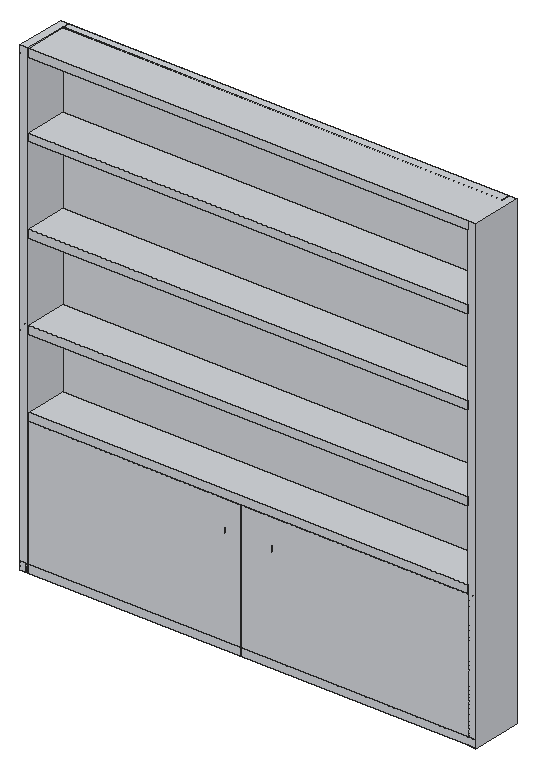
Revit family
Parameters
  sportello = 868.5 mm
  spessoresportello = 30 mm
  spessore = 50 mm
  spessmaniglia = 201.733 mm
  scaffali = 550 mm
  profondità = 400 mm
  metàprofondità = profondità / 2  # 200 mm
  metàlunghezza = lunghezza / 2  # 1500 mm
  maniglia = 100 mm
  lunghezza = 3000 mm
  hmaniglia = 700 mm
  distmaniglia = 100 mm
  altezza = 3000 mm
Reference planes
  plane 1 "Centro (Fronte/Retro)": y = 0
  plane 2: z = 0
  plane 3 "Centro (Sinistra/Destra)": x = 0
  plane 4: y = 123.975
  plane 5: x = 1500
  plane 6: y = -200
  plane 7: x = -1407.256
  plane 8: z = 50
  plane 9: x = -1357.256
  plane 10: y = 73.975
  plane 11: x = 1450
  plane 12: z = 3000
  plane 13: z = 868.5
  plane 14: z = 1800.012
  plane 15: z = 1418.5
  plane 16: y = -152.776
  plane 17: y = -170
  plane 18: z = 1968.5
  plane 19: z = 2518.5
  plane 20: y = -1068.5
  plane 21: x = 100
  plane 22: x = 200
  plane 23: x = -100
  plane 24: x = -200
  plane 25: z = 700
  plane 26: z = 670
Forms (mm)
  Extrusion 1, solid
    sketch origin (0, 0, 0) x (1, 0, 0) y (0, 1, 0)
      loop
        line (-1407.256, 123.975) -> (-1407.256, -200) -> (1500, -200) -> (1500, 123.975) -> (-1407.256, 123.975)
    from 0 to 50
  Extrusion 2, solid
    sketch origin (0, 0, 0) x (1, 0, 0) y (0, 1, 0)
      loop
        line (-1407.256, 123.975) -> (-1407.256, -200) -> (-1357.256, -200) -> (-1357.256, 123.975) -> (-1407.256, 123.975)
    from 0 to 3000
  Extrusion 3, solid
    sketch origin (0, 0, 0) x (1, 0, 0) y (0, 1, 0)
      loop
        line (1450, 123.975) -> (1450, -200) -> (1500, -200) -> (1500, 123.975) -> (1450, 123.975)
    from 0 to 3000
  Extrusion 4, solid
    sketch origin (0, 0, 0) x (1, 0, 0) y (0, 1, 0)
      loop
        line (-1357.256, 123.975) -> (-1357.256, 73.975) -> (1450, 73.975) -> (1450, 123.975) -> (-1357.256, 123.975)
    from 0 to 3000
  Extrusion 5, solid
    sketch origin (0, 0, 0) x (1, 0, 0) y (0, 1, 0)
      loop
        line (-1407.256, 123.975) -> (-1407.256, -200) -> (1500, -200) -> (1500, 123.975) -> (-1407.256, 123.975)
    from 2950 to 3000
  Extrusion 6, solid
    sketch origin (0, 0, 0) x (1, 0, 0) y (0, 1, 0)
      loop
        line (-1357.256, 73.975) -> (-1357.256, -200) -> (1450, -200) -> (1450, 73.975) -> (-1357.256, 73.975)
    from 918.5 to 868.5
  Extrusion 7, solid
    sketch origin (0, 0, 0) x (1, 0, 0) y (0, 1, 0)
      loop
        line (-1407.256, 73.975) -> (-1407.256, -200) -> (1450, -200) -> (1450, 73.975) -> (-1407.256, 73.975)
    from 1368.5 to 1418.5
  Extrusion 8, solid
    sketch origin (0, 0, 0) x (1, 0, 0) y (0, 1, 0)
      loop
        line (-1407.256, -170) -> (-1407.256, -200) -> (0, -200) -> (0, -170) -> (-1407.256, -170)
    from 0 to 868.5
  Extrusion 9, solid
    sketch origin (0, 0, 0) x (1, 0, 0) y (0, 1, 0)
      loop
        line (0, -170) -> (0, -200) -> (1500, -200) -> (1500, -170) -> (0, -170)
    from 0 to 868.5
  Extrusion 10, solid
    sketch origin (0, 0, 0) x (1, 0, 0) y (0, 1, 0)
      loop
        line (-1357.256, 73.975) -> (-1357.256, -200) -> (1450, -200) -> (1450, 73.975) -> (-1357.256, 73.975)
    from 1918.5 to 1968.5
  Extrusion 11, solid
    sketch origin (0, 0, 0) x (1, 0, 0) y (0, 1, 0)
      loop
        line (-1357.256, 123.975) -> (-1357.256, -200) -> (1450, -200) -> (1450, 123.975) -> (-1357.256, 123.975)
    from 2468.5 to 2518.5
  Extrusion 12, solid
    sketch origin (0, 0, 0) x (1, 0, 0) y (0, 1, 0)
      loop
        line (-200, -170) -> (-200, -200) -> (-100, -200) -> (-100, -170) -> (-200, -170)
    from 670 to 700
  Extrusion 13, solid
    sketch origin (0, 0, 0) x (1, 0, 0) y (0, 1, 0)
      loop
        line (100, -170) -> (100, -200) -> (200, -200) -> (200, -170) -> (100, -170)
    from 670 to 700
Dimensions and locks
  plane 7 to plane 3 "Centro (Sinistra/Destra)" = 1407.256 mm
  plane 4 to plane 1 "Centro (Fronte/Retro)" = 123.975 mm
  "metàlunghezza": plane 3 "Centro (Sinistra/Destra)" to plane 5
  "metàprofondità": plane 6 to plane 1 "Centro (Fronte/Retro)"
  "spessore": plane 8 to level
  "spessore": plane 4 to plane 10
  "spessore": plane 7 to plane 9
  "spessore": plane 11 to plane 5
  "altezza": plane 12 to plane 2
  "spessore": Extrusion 5 to Extrusion 5
  "sportello": plane 13 to level
  "spessore": Extrusion 6 to Extrusion 6
  plane 14 to plane 13 = 931.512 mm
  "spessore": Extrusion 7 to Extrusion 7
  "scaffali": plane 15 to plane 13
  plane 16 to plane 6 = 47.224 mm
  "spessoresportello": plane 17 to Extrusion 6
  "scaffali": plane 18 to plane 15
  "scaffali": plane 19 to plane 18
  "spessore": Extrusion 10 to Extrusion 10
  "spessore": Extrusion 11 to Extrusion 11
  "sportello": Extrusion 6 to plane 20
  "maniglia": plane 21 to plane 22
  "distmaniglia": plane 3 "Centro (Sinistra/Destra)" to plane 21
  "distmaniglia": plane 23 to plane 3 "Centro (Sinistra/Destra)"
  "maniglia": plane 24 to plane 23
  "hmaniglia": plane 25 to level
  "spessoresportello": plane 25 to plane 26
  aligned and locked: Extrusion 1 sketch curve to plane 4
  aligned and locked: plane 7 to Extrusion 1 sketch curve
  aligned and locked: Extrusion 1 sketch curve to plane 6
  aligned and locked: Extrusion 1 sketch curve to plane 5
  aligned and locked: plane 8 to Extrusion 1
  aligned and locked: Extrusion 2 sketch curve to Extrusion 1  (x3)
  aligned and locked: Extrusion 2 sketch curve to plane 9
  aligned and locked: plane 12 to Extrusion 2
  aligned and locked: plane 4 to Extrusion 3
  aligned and locked: Extrusion 3 to Extrusion 1
  aligned and locked: Extrusion 3 to plane 11
  aligned and locked: plane 6 to Extrusion 3
  aligned and locked: Extrusion 1 to Extrusion 4
  aligned and locked: Extrusion 4 to plane 9
  aligned and locked: Extrusion 4 to plane 10
  aligned and locked: plane 11 to Extrusion 4
  aligned and locked: plane 12 to Extrusion 3
  aligned and locked: Extrusion 5 sketch curve to plane 4
  aligned and locked: plane 7 to Extrusion 5 sketch curve
  aligned and locked: Extrusion 5 sketch curve to plane 6
  aligned and locked: Extrusion 5 sketch curve to plane 5
  aligned and locked: plane 12 to Extrusion 5
  aligned and locked: plane 10 to Extrusion 6
  aligned and locked: plane 6 to Extrusion 6
  aligned and locked: Extrusion 6 to plane 9
  aligned and locked: plane 11 to Extrusion 6
  aligned and locked: plane 13 to Extrusion 6
  aligned and locked: Extrusion 7 sketch curve to plane 10
  aligned and locked: plane 7 to Extrusion 7 sketch curve
  aligned and locked: Extrusion 7 sketch curve to plane 6
  aligned and locked: Extrusion 7 sketch curve to plane 11
  aligned and locked: plane 15 to Extrusion 7
  aligned and locked: plane 7 to Extrusion 8 sketch curve
  aligned and locked: Extrusion 8 sketch curve to plane 6
  aligned and locked: Extrusion 8 sketch curve to plane 3 "Centro (Sinistra/Destra)"
  aligned and locked: plane 17 to Extrusion 8
  aligned and locked: Extrusion 9 sketch curve to plane 17
  aligned and locked: Extrusion 9 sketch curve to plane 6
  aligned and locked: plane 3 "Centro (Sinistra/Destra)" to Extrusion 9 sketch curve
  aligned and locked: Extrusion 9 sketch curve to plane 5
  aligned and locked: Extrusion 8 to Extrusion 6
  aligned and locked: plane 13 to Extrusion 9
  aligned and locked: Extrusion 10 sketch curve to plane 10
  aligned and locked: plane 9 to Extrusion 10 sketch curve
  aligned and locked: Extrusion 10 sketch curve to plane 6
  aligned and locked: Extrusion 10 sketch curve to plane 11
  aligned and locked: plane 18 to Extrusion 10
  aligned and locked: Extrusion 11 sketch curve to plane 4
  aligned and locked: plane 9 to Extrusion 11 sketch curve
  aligned and locked: Extrusion 11 sketch curve to plane 11
  aligned and locked: Extrusion 11 sketch curve to plane 6
  aligned and locked: plane 19 to Extrusion 11
  aligned and locked: Extrusion 12 sketch curve to Extrusion 8
  aligned and locked: Extrusion 12 sketch curve to Extrusion 6
  aligned and locked: Extrusion 12 sketch curve to plane 23
  aligned and locked: plane 24 to Extrusion 12 sketch curve
  aligned and locked: Extrusion 13 sketch curve to Extrusion 9
  aligned and locked: Extrusion 13 sketch curve to plane 22
  aligned and locked: plane 21 to Extrusion 13 sketch curve
  aligned and locked: Extrusion 13 sketch curve to Extrusion 6
  aligned and locked: Extrusion 12 to plane 26
  aligned and locked: plane 25 to Extrusion 13
  aligned and locked: Extrusion 13 to plane 26
Automatic sketch dimensions
  Extrusion 3 sketch curve to plane 11 = 0 mm
  plane 5 to Extrusion 3 sketch curve = 0 mm
  plane 6 to Extrusion 3 sketch curve = 0 mm
  plane 4 to Extrusion 3 sketch curve = 0 mm
  Extrusion 4 sketch curve to plane 10 = 0 mm
  plane 7 to Extrusion 4 sketch curve = 50 mm
  Extrusion 4 sketch curve to plane 5 = 50 mm
  plane 4 to Extrusion 4 sketch curve = 0 mm
  plane 7 to Extrusion 6 sketch curve = 50 mm
  Extrusion 6 sketch curve to plane 5 = 50 mm
  plane 6 to Extrusion 6 sketch curve = 0 mm
  Extrusion 6 sketch curve to plane 4 = 50 mm
  Extrusion 8 sketch curve to plane 6 = 30 mm
